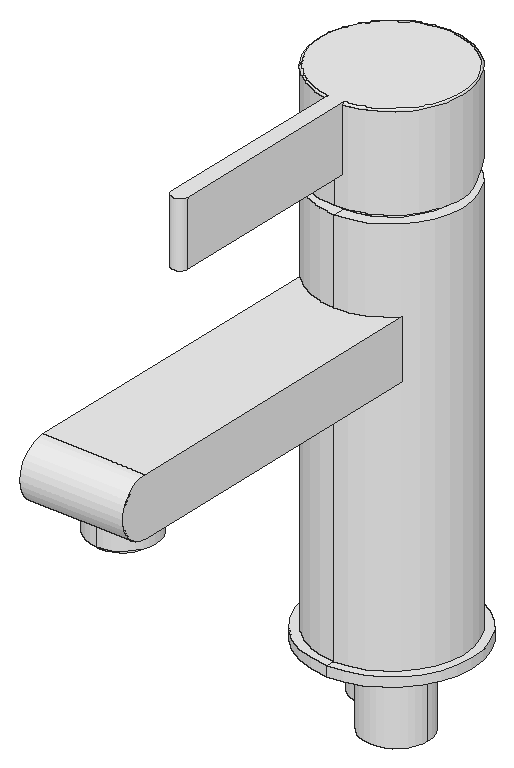
Revit family "Mixer-Basin-Dorf Enigma1", category Plumbing Fixtures, host Face, Revit 2014
Parameters (values of type "Standard")
  Width_ANZRS = 53 mm  # constant formula
  Waste Connection = no
  WELSRating_ANZRS = "WELS 5 star rated, 6L/min"  # constant formula
  Vent Connection = no
  URL = "http://specify.caroma.com.au/"
  Type Comments = "Dorf Enigma Basin Mixer"  # constant formula
  ModifiedIssue_ANZRS = 20150331.1  # constant formula
  Model = "6480.045A"  # constant formula
  Material_ANZRS = Metal-Chrome-Caroma
  Manufacturer = "GWA Bathrooms & Kitchens"  # constant formula
  Length_ANZRS = 150 mm  # constant formula
  Height_ANZRS = 160 mm  # constant formula
  HWFU = 1.58  # constant formula
  HW Connection = yes
  Description = "Enigma range is tough enough for family life whilst retaining a gentle, geometric design feel."  # constant formula
  Default Elevation = 0 mm
  CreatedBy_ANZRS = "Design Content"  # constant formula
  CreatedByURL_ANZRS = "http://www.designcontent.com.au"
  Cost = 0
  Connector Radius = 10 mm  # constant formula
  CWFU = 1.58  # constant formula
  CW Connection = yes
  Assembly Code = "D2020300"
Reference planes
  plane 1 "Center (Front/Back)": y = 0
  plane 2: z = 0
  plane 3 "Center (Left/Right)": x = 0
  plane 4: z = 160
Forms (mm)
  Extrusion 1, solid, material "Metal-Chrome-Caroma" <- "Material_ANZRS"
    sketch origin (0, 0, 0) x (1, 0, 0) y (0, 1, 0)
      loop
        circle (7.071, -7.071) r 10
    from -20 to 0
  Extrusion 2, solid, material "Metal-Chrome-Caroma" <- "Material_ANZRS"
    sketch origin (0, 0, 0) x (1, 0, 0) y (0, 1, 0)
      loop
        circle (-7.071, 7.071) r 10
    from -20 to 0
  Revolve 3, solid, material "Metal-Chrome-Caroma"
    sketch origin (0, 0, -40) x (0, 1, 0) y (0, 0, 1)
      loop
        line (0, 40) -> (25.2, 40) -> (25.2, 43) -> (22.5, 43) -> (22.5, 168) -> (18.79, 168)
        arc (18.79, 168) -> (17.021, 174.457) -> (13.268, 180) r 20.521
        line (13.268, 180) -> (0, 180) -> (0, 40)
      axis (0, 180) -> (0, 40)
    angle from 0 to 360
  Revolve 4, solid, material "Metal-Chrome-Caroma"
    sketch origin (0, 0, -22.365) x (0, 1, 0) y (0, 0, 1)
      loop
        line (0, 153) -> (0, 182.365) -> (-22, 182.365)
        arc (-22, 182.365) -> (-22.354, 182.219) -> (-22.5, 181.865) r 0.5
        line (-22.5, 181.865) -> (-22.5, 153) -> (0, 153)
      axis (0, 182.365) -> (0, 153)
    angle from 0 to 360
  Extrusion 5, void
    sketch origin (0, 0, -22.365) x (0, 1, 0) y (0, 0, 1)
      loop
        line (-1.326, 151.316) -> (23.495, 151.316) -> (23.495, 162.89) -> (-1.326, 151.316)
    from -50 to 50
  Revolve 6, solid, material "Metal-Chrome-Caroma"
    sketch origin (0, -49.426, 18.276) x (0, 0.951057, 0.309017) y (0, -0.309017, 0.951057)
      loop
        line (-25.119, 68.517) -> (-22.256, 77.328) -> (-32.003, 80.495) -> (-35.189, 70.689) -> (-26.631, 67.909) -> (-26.307, 68.903) -> (-25.119, 68.517)
      axis (-32.003, 80.495) -> (-35.189, 70.689)
    angle from 0 to 360
  Extrusion 7, solid, material "Metal-Chrome-Caroma"
    sketch origin (0, 0, 0) x (1, 0, 0) y (0, 1, 0)
      loop
        line (2.5, -82.5) -> (2.5, -16.505) -> (-2.5, -16.505) -> (-2.5, -82.5)
        arc (-2.5, -82.5) -> (0, -85) -> (2.5, -82.5) r 2.5
    from 140 to 160
  Extrusion 8, solid, material "Metal-Chrome-Caroma"
    sketch origin (0, 0, 0) x (0, 1, 0) y (0, 0, 1)
      loop
        line (-12.104, 101.959) -> (-115.967, 101.959)
        arc (-115.967, 101.959) -> (-124.975, 92.95) -> (-115.967, 83.941) r 9.009
        line (-115.967, 83.941) -> (-12.104, 83.941) -> (-12.104, 101.959)
    from -16 to 16
Cuts and joins
  Extrusion 5 cuts Revolve 4
  joined: Revolve 4, Extrusion 7
  joined: Revolve 3, Revolve 6, Extrusion 8
Lines and regions (mm)
  Masking region 1
    outline origin (0, 0, 0) x (1, 0, 0) y (0, 1, 0)
      loop
        spline (-16.248, -123.146) -> (-16.195, -123.388) -> (-16.038, -123.626) -> (-15.779, -123.855) -> (-15.422, -124.073) -> (-14.974, -124.275) -> (-14.442, -124.457) -> (-13.836, -124.617) -> (-13.165, -124.752) -> (-12.442, -124.859) -> (-11.678, -124.937) -> (-10.887, -124.984) -> (-10.083, -125)
        line (-10.083, -125) -> (9.855, -125)
        spline (9.855, -125) -> (10.657, -124.984) -> (11.446, -124.937) -> (12.207, -124.859) -> (12.928, -124.752) -> (13.596, -124.617) -> (14.2, -124.457) -> (14.73, -124.275) -> (15.177, -124.073) -> (15.532, -123.855) -> (15.791, -123.626) -> (15.947, -123.388) -> (16, -123.146)
        line (16, -123.146) -> (16, -22.424)
        arc (16, -22.424) -> (25.147, 7.149) -> (0, 25.2) r 26.486
        arc (0, 25.2) -> (-25.097, 7.297) -> (-16.248, -22.234) r 26.486
        line (-16.248, -22.234) -> (-16.248, -123.146)
  Masking region 2
    outline origin (271, 15, 0) x (0, -1, 0) y (0, 0, -1)
      loop
        line (40.2, 0) -> (-10.2, 0) -> (-10.2, -3) -> (-7.5, -3) -> (-7.5, -128) -> (-3.79, -128) -> (0.167, -136.486) -> (-7.586, -140.101) -> (-7.586, -160) -> (100, -160) -> (100, -140) -> (37.5, -140) -> (37.5, -130.635) -> (33.447, -130.635) -> (33.79, -128) -> (37.5, -128) -> (37.5, -101.959) -> (129.987, -101.959)
        arc (129.987, -101.959) -> (138.995, -92.95) -> (129.987, -83.941) r 9.009
        line (129.987, -83.941) -> (129.987, -75.678) -> (109.488, -75.678) -> (109.488, -83.941) -> (37.5, -83.941) -> (37.5, -3) -> (40.2, -3) -> (40.2, 0)
  Masking region 3
    outline origin (0, 0, 0) x (1, 0, 0) y (0, 0, 1)
      loop
        line (0, 0) -> (25, 0) -> (25, 3) -> (22.5, 3) -> (22.5, 128) -> (18.79, 128) -> (18.084, 130.635) -> (22.5, 130.635) -> (22.5, 160) -> (0, 160) -> (-22.5, 160) -> (-22.5, 130.635) -> (-18.084, 130.635) -> (-18.79, 128) -> (-22.5, 128) -> (-22.5, 3) -> (-25, 3) -> (-25, 0) -> (0, 0)
  symbolic lines, style "Taps/Mixers"
    curve 1: line (271, -22.361, 140) -> (271, -22.361, 160)
    curve 2: line (271, -18.79, 128) -> (271, 18.79, 128)
    curve 3: line (271, 14.833, 136.486) -> (271, 2.282, 130.633)
    curve 4: line (271, 2.282, 130.633) -> (271, -18.605, 130.633)
    curve 5: line (271, -94.488, 83.941) -> (271, -114.987, 83.941)
    curve 6: line (271, -22.5, 101.959) -> (271, -15.819, 101.959)
    curve 7: line (271, -15.819, 101.959) -> (271, -15.819, 83.941)
    curve 8: line (271, -15.819, 83.941) -> (271, -22.5, 83.941)
    curve 9: line (271, -22.5, 3) -> (271, 22.5, 3)
    curve 10: line (-2.5, -22.361, 0) -> (-2.5, -82.5, 0)
    curve 11: line (2.5, -22.361, 0) -> (2.5, -82.5, 0)
    curve 12: arc (2.5, -82.5, 0) -> (0, -85, 0) -> (-2.5, -82.5, 0) r 2.5
    curve 13: arc (-2.5, -22.361, 0) -> (0, 22.5, 0) -> (2.5, -22.361, 0) r 22.5
    curve 14: line (-16, 0, 101.959) -> (16, 0, 101.959)
    curve 15: line (-16, 0, 83.941) -> (-16, 0, 101.959)
    curve 16: line (16, 0, 83.941) -> (-16, 0, 83.941)
    curve 17: line (16, 0, 101.959) -> (16, 0, 83.941)
    curve 18: line (-10.249, 0, 75.678) -> (10.251, 0, 75.678)
    curve 19: line (-10.249, 0, 83.941) -> (-10.249, 0, 75.678)
    curve 20: line (10.251, 0, 83.941) -> (-10.249, 0, 83.941)
    curve 21: line (10.251, 0, 75.678) -> (10.251, 0, 83.941)
    curve 22: line (0, 0, 74.632) -> (-8.999, 0, 74.632)
    curve 23: line (-8.999, 0, 74.632) -> (-8.999, 0, 75.678)
    curve 24: line (0, 0, 74.632) -> (8.999, 0, 74.632)
    curve 25: line (8.999, 0, 74.632) -> (8.999, 0, 75.678)
    curve 26: line (18.79, 0, 128) -> (-18.79, 0, 128)
    curve 27: line (-18.084, 0, 130.635) -> (18.084, 0, 130.635)
    curve 28: line (-22.5, 0, 3) -> (22.5, 0, 3)
    curve 29: line (-2.5, 0, 160) -> (2.5, 0, 160)
    curve 30: line (-2.5, 0, 140) -> (-2.5, 0, 160)
    curve 31: line (2.5, 0, 140) -> (-2.5, 0, 140)
    curve 32: line (2.5, 0, 160) -> (2.5, 0, 140)
Dimensions and locks
  "Height_ANZRS": plane 4 to level
  aligned and locked: plane 2 to host face
  aligned and locked: level to host face
Automatic sketch dimensions
  host sketch curve to host sketch curve = 2438.4 mm  (x2)
  plane 3 "Center (Left/Right)" to Extrusion 1 sketch curve = 7.071 mm
  plane 1 "Center (Front/Back)" to Extrusion 1 sketch curve = 7.071 mm
  Extrusion 2 sketch curve to plane 3 "Center (Left/Right)" = 7.071 mm
  Extrusion 2 sketch curve to plane 1 "Center (Front/Back)" = 7.071 mm
  Revolve 3 sketch curve to level = 0 mm
  Revolve 3 sketch curve to plane 1 "Center (Front/Back)" = 0 mm  (x2)
  plane 1 "Center (Front/Back)" to Revolve 3 sketch curve = 1.621 mm
  Revolve 3 sketch curve to Revolve 3 sketch curve = 13.268 mm
  Revolve 3 sketch curve to Revolve 3 sketch curve = 5.522 mm
  Revolve 3 sketch curve to Revolve 3 sketch curve = 3.71 mm
  Revolve 3 sketch curve to Revolve 3 sketch curve = 2.7 mm
  level to Revolve 3 sketch curve = 3 mm
  plane 4 to Revolve 3 sketch curve = 34.122 mm
  Revolve 3 sketch curve to Revolve 3 sketch curve = 2.122 mm
  Revolve 3 sketch curve to Revolve 3 sketch curve = 40 mm
  Revolve 3 sketch curve to Revolve 3 sketch curve = 10 mm
  plane 4 to Revolve 4 sketch curve = 0 mm
  Revolve 4 sketch curve to plane 1 "Center (Front/Back)" = 0 mm  (x2)
  plane 1 "Center (Front/Back)" to Revolve 4 sketch curve = 22 mm
  plane 1 "Center (Front/Back)" to Revolve 4 sketch curve = 22.5 mm
  plane 4 to Revolve 4 sketch curve = 29.365 mm
  Revolve 4 sketch curve to level = 22.365 mm
  Revolve 4 sketch curve to Revolve 4 sketch curve = 10 mm
  plane 1 "Center (Front/Back)" to Extrusion 5 sketch curve = 1.326 mm
  Extrusion 5 sketch curve to plane 1 "Center (Front/Back)" = 23.495 mm
  plane 4 to Extrusion 5 sketch curve = 31.049 mm
  Extrusion 5 sketch curve to Extrusion 5 sketch curve = 11.574 mm
  level to Revolve 6 sketch curve = 74.632 mm
  plane 1 "Center (Front/Back)" to Revolve 6 sketch curve = 104.737 mm
  Revolve 6 sketch curve to Revolve 6 sketch curve = 3.186 mm
  Revolve 6 sketch curve to Revolve 6 sketch curve = 8.559 mm
  Revolve 6 sketch curve to Revolve 6 sketch curve = 0.323 mm
  Revolve 6 sketch curve to Revolve 6 sketch curve = 1.189 mm
  Revolve 6 sketch curve to Revolve 6 sketch curve = 1.786 mm
  Revolve 6 sketch curve to Revolve 6 sketch curve = 0.097 mm
  Revolve 6 sketch curve to Revolve 6 sketch curve = 0.981 mm
  Revolve 6 sketch curve to Revolve 6 sketch curve = 0.298 mm
  Revolve 6 sketch curve to Revolve 6 sketch curve = 3.019 mm
  Extrusion 7 sketch curve to plane 3 "Center (Left/Right)" = 2.5 mm
  plane 3 "Center (Left/Right)" to Extrusion 7 sketch curve = 0 mm
  plane 1 "Center (Front/Back)" to Extrusion 7 sketch curve = 82.5 mm
  plane 1 "Center (Front/Back)" to Extrusion 7 sketch curve = 16.505 mm
  plane 4 to Extrusion 8 sketch curve = 58.041 mm
  plane 1 "Center (Front/Back)" to Extrusion 8 sketch curve = 115.967 mm
  plane 1 "Center (Front/Back)" to Extrusion 8 sketch curve = 12.104 mm
  Extrusion 8 sketch curve to Extrusion 8 sketch curve = 9.009 mm
  plane 4 to Masking region 2 sketch curve = 0 mm
  Masking region 2 sketch curve to level = 0 mm
  level to Masking region 2 sketch curve = 3 mm  (x2)
  Masking region 2 sketch curve to plane 1 "Center (Front/Back)" = 25.2 mm
  Masking region 2 sketch curve to plane 1 "Center (Front/Back)" = 22.586 mm
  Masking region 2 sketch curve to Masking region 2 sketch curve = 2.7 mm  (x2)
  Masking region 2 sketch curve to Masking region 2 sketch curve = 3.71 mm  (x2)
  Masking region 2 sketch curve to Masking region 2 sketch curve = 7.752 mm
  plane 1 "Center (Front/Back)" to Masking region 2 sketch curve = 18.447 mm
  Masking region 2 sketch curve to Masking region 2 sketch curve = 0.343 mm
  Masking region 2 sketch curve to Masking region 2 sketch curve = 0 mm
  Masking region 2 sketch curve to Masking region 2 sketch curve = 4.054 mm
  Masking region 2 sketch curve to Masking region 2 sketch curve = 62.5 mm
  Masking region 2 sketch curve to Masking region 2 sketch curve = 9.488 mm
  Masking region 2 sketch curve to Masking region 2 sketch curve = 20.499 mm
  plane 4 to Masking region 2 sketch curve = 19.899 mm
  plane 4 to Masking region 2 sketch curve = 20 mm
  Masking region 2 sketch curve to Masking region 2 sketch curve = 3.615 mm
  Masking region 2 sketch curve to Masking region 2 sketch curve = 9.365 mm
  Masking region 2 sketch curve to Masking region 2 sketch curve = 2.635 mm
  Masking region 2 sketch curve to Masking region 2 sketch curve = 26.042 mm
  Masking region 2 sketch curve to Masking region 2 sketch curve = 9.009 mm
  Masking region 2 sketch curve to Masking region 2 sketch curve = 18.018 mm
  Masking region 2 sketch curve to Masking region 2 sketch curve = 8.263 mm
  plane 4 to curve 1 = 0 mm
  curve 3 to plane 1 "Center (Front/Back)" = 2.282 mm
  plane 1 "Center (Front/Back)" to curve 7 = 15.819 mm
  plane 4 to curve 4 = 29.367 mm
  curve 4 to curve 6 = 28.675 mm
  curve 6 to curve 7 = 18.018 mm
  curve 3 to curve 3 = 12.551 mm
  curve 2 to curve 3 = 3.957 mm
  level to curve 9 = 3 mm
  curve 9 to plane 1 "Center (Front/Back)" = 22.5 mm
  plane 1 "Center (Front/Back)" to curve 4 = 18.605 mm
  curve 4 to curve 2 = 0.185 mm
  curve 4 to curve 1 = 3.756 mm
  plane 1 "Center (Front/Back)" to curve 9 = 22.5 mm
  curve 7 to curve 8 = 6.681 mm
  curve 6 to curve 6 = 6.681 mm
  curve 8 to curve 5 = 71.988 mm
  curve 5 to curve 5 = 20.499 mm
  curve 1 to curve 4 = 9.367 mm
  curve 3 to curve 3 = 5.852 mm
  curve 4 to curve 2 = 2.633 mm
  plane 4 to curve 5 = 76.059 mm
  Masking region 1 sketch curve to plane 3 "Center (Left/Right)" = 0 mm
  Masking region 1 sketch curve to plane 3 "Center (Left/Right)" = 0.04 mm
  Masking region 1 sketch curve to plane 3 "Center (Left/Right)" = 10.083 mm
  Masking region 1 sketch curve to Masking region 1 sketch curve = 6.165 mm
  plane 3 "Center (Left/Right)" to Masking region 1 sketch curve = 0.04 mm
  plane 3 "Center (Left/Right)" to Masking region 1 sketch curve = 9.855 mm
  plane 3 "Center (Left/Right)" to Masking region 1 sketch curve = 16 mm
  plane 1 "Center (Front/Back)" to Masking region 1 sketch curve = 125 mm
  Masking region 1 sketch curve to Masking region 1 sketch curve = 1.854 mm  (x2)
  plane 1 "Center (Front/Back)" to Masking region 1 sketch curve = 22.424 mm
  plane 1 "Center (Front/Back)" to Masking region 1 sketch curve = 22.234 mm
  plane 1 "Center (Front/Back)" to Masking region 1 sketch curve = 1.286 mm
  curve 10 to plane 3 "Center (Left/Right)" = 2.5 mm
  plane 3 "Center (Left/Right)" to curve 13 = 0 mm
  plane 3 "Center (Left/Right)" to curve 12 = 0 mm
  plane 1 "Center (Front/Back)" to curve 10 = 82.5 mm
  plane 1 "Center (Front/Back)" to curve 13 = 0 mm
  plane 1 "Center (Front/Back)" to curve 10 = 22.361 mm
  Masking region 3 sketch curve to level = 0 mm
  Masking region 3 sketch curve to plane 4 = 0 mm
  Masking region 3 sketch curve to plane 3 "Center (Left/Right)" = 0 mm
  Masking region 3 sketch curve to plane 3 "Center (Left/Right)" = 18.084 mm
  Masking region 3 sketch curve to Masking region 3 sketch curve = 0.706 mm  (x2)
  Masking region 3 sketch curve to Masking region 3 sketch curve = 3.71 mm  (x2)
  Masking region 3 sketch curve to plane 3 "Center (Left/Right)" = 22.5 mm
  Masking region 3 sketch curve to Masking region 3 sketch curve = 2.5 mm  (x2)
  plane 3 "Center (Left/Right)" to Masking region 3 sketch curve = 0 mm
  plane 3 "Center (Left/Right)" to Masking region 3 sketch curve = 18.084 mm
  Masking region 3 sketch curve to Masking region 3 sketch curve = 22.5 mm
  level to Masking region 3 sketch curve = 3 mm  (x2)
  plane 4 to Masking region 3 sketch curve = 32 mm  (x2)
  Masking region 3 sketch curve to Masking region 3 sketch curve = 2.635 mm  (x2)
  curve 24 to plane 3 "Center (Left/Right)" = 0 mm
  curve 30 to plane 3 "Center (Left/Right)" = 2.5 mm
  curve 23 to plane 3 "Center (Left/Right)" = 8.999 mm
  curve 19 to curve 23 = 1.25 mm
  curve 14 to plane 3 "Center (Left/Right)" = 16 mm
  plane 3 "Center (Left/Right)" to curve 31 = 2.5 mm
  curve 22 to curve 24 = 8.999 mm
  curve 25 to curve 20 = 1.251 mm
  plane 3 "Center (Left/Right)" to curve 14 = 16 mm
  level to curve 22 = 74.632 mm
  curve 24 to curve 18 = 1.046 mm
  curve 18 to curve 20 = 8.263 mm
  curve 17 to curve 20 = 0 mm
  curve 16 to curve 17 = 18.018 mm
  plane 4 to curve 31 = 20 mm
  plane 4 to curve 29 = 0 mm
  curve 27 to plane 3 "Center (Left/Right)" = 18.084 mm
  curve 26 to curve 27 = 0.706 mm
  level to curve 28 = 3 mm
  curve 28 to plane 3 "Center (Left/Right)" = 22.5 mm
  plane 3 "Center (Left/Right)" to curve 27 = 18.084 mm
  curve 27 to curve 26 = 0.706 mm
  plane 3 "Center (Left/Right)" to curve 28 = 22.5 mm
  curve 26 to curve 30 = 12 mm
  curve 26 to curve 27 = 2.635 mm
  radius of Extrusion 1 sketch curve = 10 mm
  radius of Extrusion 2 sketch curve = 10 mm
Connectors
  piping at (7.071, -7.071, -20), diameter 20, driven by "Connector Radius", driven by "CWFU"
    settings: on Extrusion 1, index 5, connector inside diameter 0.7874", connector length 0 mm, flow factor 0, pipe flow 0 GPM, pressure drop 0.00 psi, fitting loss kfactor 0, connector angle 0.00°, fixture units 1.58, engagement length 0 mm, angle of deflection 0.00°, flow configuration 3, flow direction 1, fitting loss method 0, system type 20, joint type 0, gender type 0, connector reference index -1, connector utility 0, adjustable connector no, is connector primary yes, connector description ""
  piping at (-7.071, 7.071, -20), diameter 20, driven by "Connector Radius", driven by "HWFU"
    settings: on Extrusion 2, index 6, connector inside diameter 0.7874", connector length 0 mm, flow factor 0, pipe flow 0 GPM, pressure drop 0.00 psi, fitting loss kfactor 0, connector angle 0.00°, fixture units 1.58, engagement length 0 mm, angle of deflection 0.00°, flow configuration 3, flow direction 1, fitting loss method 0, system type 19, joint type 0, gender type 0, connector reference index -1, connector utility 0, adjustable connector no, is connector primary no, connector description ""
